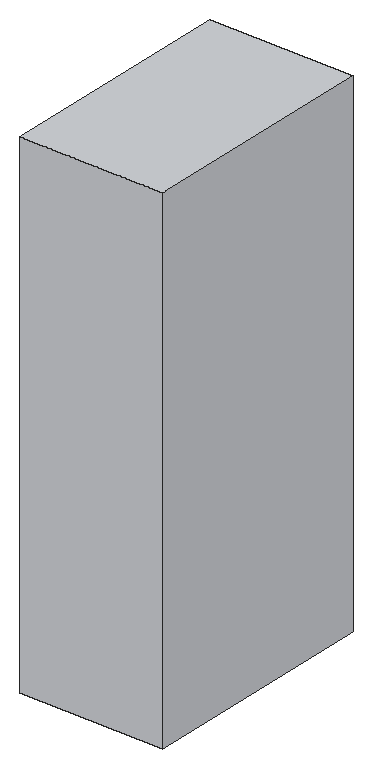
Revit family "第二期車站03_RTU機櫃_600x1000x2100", category 電氣設備, Revit 2025
Family settings
  面板規劃 = 兩欄，回路穿越
  圓形接點標註 = 使用直徑
  組件類型 = 分電盤
  OmniClass 編號 = 23.80.30.11.17
  OmniClass 標題 = Distribution Boards and Control Panels
  以工作平面為基礎 = 否
  總是垂直 = 是
  載入時使用空心切割 = 否
  維持標註方位 = 否
  共用 = 否
  房間計算點 = 否
Parameters (values of type "RTU 與網路機櫃")
  built-in parameter 1155100 [instance] = -1
  Default Elevation = 0 mm
  built-in parameter 1140142 [instance] = -1
  SCADA_高mm [instance] = "2100"
  SCADA_附錄F項次 [instance] = "21"
  SCADA_附錄D項次 [instance] = "12"
  SCADA_編號 [instance] = "P2S03-COMS-RTU-01"
  SCADA_站點 [instance] = "車站 3"
  SCADA_深mm [instance] = "1000"
  SCADA_機櫃類型 [instance] = "RTU 與網路機櫃"
  SCADA_期別 [instance] = "第二期"
  SCADA_房間 [instance] = "COMS/SCADA 設備室"
  SCADA_建物 [instance] = "車站"
  SCADA_尺寸 [instance] = "600W×1000D×2100H"
  SCADA_寬mm [instance] = "600"
  SCADA_定位來源 [instance] = "獨立設備族群（載入專案後定位）"
  SCADA_備註 [instance] = ""
  SCADA_來源文件 [instance] = "Installation SoW_V6（Rev.006, 2026-07-02）附錄 D / F；依原文顏色標示排除已刪除項目"
  SCADA_UPS電源110V [instance] = "雙 UPS 電源（2×4500VA）"
  built-in parameter 1140140 [instance] = 1 (stored number, unit not read)
Reference planes
  plane 1 "中心 (前/後)": y = 0
  plane 2: z = 0
  plane 3 "中心 (左/右)": x = 0
Forms (mm)
  Extrusion 1, solid
    sketch origin (0, 0, 0) x (1, 0, 0) y (0, 1, 0)
      loop
        line (-300, -500) -> (300, -500) -> (300, 500) -> (-300, 500) -> (-300, -500)
    from 0 to 2100
Lines and regions (mm)
  model lines, style "開門線"
    curve 1: line (300, -500, 0) -> (300, -1100, 0)
    curve 2: arc (-300, -500, 0) -> (-124.264, -924.264, 0) -> (300, -1100, 0) r 600
    curve 3: line (-300, 500, 0) -> (-300, 1100, 0)
    curve 4: arc (300, 500, 0) -> (124.264, 924.264, 0) -> (-300, 1100, 0) r 600
Dimensions and locks
  aligned and locked: level to plane 2
